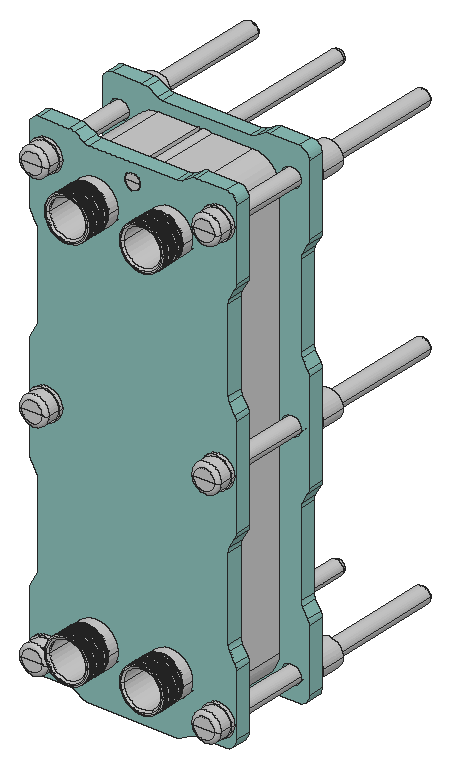
Revit family "Ekin_Endüstriyel - MIT504", category Specialty Equipment, Revit 2022
Family settings
  Round Connector Dimension = Use Diameter
  Part Type = Normal
  Work Plane-Based = No
  Always vertical = No
  Cut with Voids When Loaded = No
  Maintain Annotation Orientation = No
  Shared = No
  Room Calculation Point = No
Parameters (values of type "E12340000DD32L")
  URL = "https://en.ekinendustriyel.com/plate-heat-exchanger"
  Type Comments = "10 bar"
  Model = "E12340000DD32L"
  Material = Galvanized Steel- S235JR
  Manufacturer = "Ekin Endüstriyel"
  Keynote = "Threaded Connection"
  Description = "MIT - Heat Exchanger - 10 bar"
  Default Elevation = 0 mm
Reference planes
  plane 1 "Center (Front/Back)": y = 0
  plane 2: z = 0
  plane 3 "Center (Left/Right)": x = 0
  plane 4 "1": z = 318
  plane 5 "2": z = 73
  plane 6: z = 460
Forms (mm)
  Extrusion 1, solid, material "Galvanized Steel - S235JR", detail levels coarse
    sketch origin (0, 0, 0) x (1, 0, 0) y (0, 0, 1)
      loop
        line (100, 490) -> (-100, 490) -> (-100, 0) -> (100, 0) -> (100, 490)
    from 0 to -15
  Extrusion 2, solid, material "Galvanized Steel - S235JR", detail levels coarse
    sketch origin (0, 0, 0) x (1, 0, 0) y (0, 0, 1)
      loop
        line (100, 490) -> (-100, 490) -> (-100, 0) -> (100, 0) -> (100, 490)
    from -88.1 to -103.1
  Extrusion 3, solid, material "Galvanized Steel- S235JR", detail levels coarse
    sketch origin (0, 0, 0) x (1, 0, 0) y (0, 0, 1)
      loop
        line (-57.25, 75.25) -> (-57.25, 32.75) -> (57.25, 32.75) -> (57.25, 75.25) -> (-57.25, 75.25)
      loop
        line (-57.25, 414.779) -> (57.25, 414.779) -> (57.25, 457.279) -> (-57.25, 457.279) -> (-57.25, 414.779)
    from 0 to 34.978
  Extrusion 4, solid, material "Galvanized Steel- S235JR", detail levels coarse
    sketch origin (0, 0, 0) x (1, 0, 0) y (0, 0, 1)
      loop
        line (100, 490) -> (-100, 490) -> (-100, 0) -> (100, 0) -> (100, 490)
    from -15 to -88.1
  Extrusion 5, solid, material "Galvanized Steel- S235JR", detail levels coarse
    sketch origin (0, 0, 0) x (1, 0, 0) y (0, 0, 1)
      loop
        circle (83, 460) r 8.036
      loop
        circle (-83, 460) r 8.036
      loop
        circle (83, 30) r 8.036
      loop
        circle (-83, 30) r 8.036
      loop
        circle (83, 245) r 8.036
      loop
        circle (-83, 245) r 8.036
    from -103.1 to -246.7
  Extrusion 6, solid, material "Galvanized Steel- S235JR", detail levels coarse
    sketch origin (0, 0, 0) x (1, 0, 0) y (0, 0, 1)
      loop
        circle (-0.049, 24.492) r 6.966
      loop
        circle (-0.049, 465.508) r 6.966
    from -103.1 to -246.7
  Extrusion 7, solid, material "Galvanized Steel - S235JR", detail levels medium
    sketch origin (0, 0, 0) x (1, 0, 0) y (0, 0, 1)
      loop
        line (-100, 0) -> (100, 0) -> (100, 490) -> (-100, 490) -> (-100, 0)
      loop
        circle (-83, 460) r 9.5
      loop
        circle (-83, 245) r 9.5
      loop
        circle (-83, 30) r 9.5
      loop
        circle (83, 30) r 9.5
      loop
        circle (0, 24.5) r 7.75
      loop
        circle (0, 465.5) r 7.75
      loop
        circle (83, 460) r 9.5
      loop
        circle (83, 245) r 9.5
    from 0 to -15
  Extrusion 8, solid, material "Galvanized Steel - S235JR", detail levels medium
    sketch origin (0, 0, 0) x (1, 0, 0) y (0, 0, 1)
      loop
        line (-100, 0) -> (100, 0) -> (100, 490) -> (-100, 490) -> (-100, 0)
      loop
        circle (-83, 460) r 9.5
      loop
        circle (-83, 245) r 9.5
      loop
        circle (-83, 30) r 9.5
      loop
        circle (83, 30) r 9.5
      loop
        circle (0, 24.5) r 7.75
      loop
        circle (0, 465.5) r 7.75
      loop
        circle (83, 460) r 9.5
      loop
        circle (83, 245) r 9.5
    from -88.1 to -103.1
  Extrusion 9, solid, material "Galvanized Steel- S235JR", detail levels medium
    sketch origin (0, 0, 0) x (1, 0, 0) y (0, 0, 1)
      loop
        line (-7.25, 18.5) -> (-7.25, 25)
        arc (-7.25, 25) -> (0, 32.25) -> (7.25, 25) r 7.25
        line (7.25, 25) -> (7.25, 18.5) -> (45.5, 18.5)
        arc (45.5, 18.5) -> (63.178, 25.822) -> (70.5, 43.5) r 25
        line (70.5, 43.5) -> (70.5, 446.5)
        arc (70.5, 446.5) -> (63.178, 464.178) -> (45.5, 471.5) r 25
        line (45.5, 471.5) -> (7.25, 471.5) -> (7.25, 465)
        arc (7.25, 465) -> (0, 457.75) -> (-7.25, 465) r 7.25
        line (-7.25, 465) -> (-7.25, 471.5) -> (-45.5, 471.5)
        arc (-45.5, 471.5) -> (-63.178, 464.178) -> (-70.5, 446.5) r 25
        line (-70.5, 446.5) -> (-70.5, 43.5)
        arc (-70.5, 43.5) -> (-63.178, 25.822) -> (-45.5, 18.5) r 25
        line (-45.5, 18.5) -> (-7.25, 18.5)
    from -15 to -88.1
  Extrusion 10, solid, material "Galvanized Steel- S235JR", detail levels medium
    sketch origin (0, 0, 0) x (1, 0, 0) y (0, 0, 1)
      loop
        circle (83, 460) r 8
      loop
        circle (-83, 460) r 8
      loop
        circle (83, 30) r 8
      loop
        circle (-83, 30) r 8
      loop
        circle (83, 245) r 8
      loop
        circle (-83, 245) r 8
    from 17.8 to -246.7
  Extrusion 11, solid, material "Galvanized Steel- S235JR", detail levels medium
    sketch origin (0, 0, 0) x (1, 0, 0) y (0, 0, 1)
      loop
        circle (0, 465.5) r 7
      loop
        circle (0, 24.5) r 7
    from 0 to -246.7
  Extrusion 12, solid, material "Galvanized Steel- S235JR", detail levels medium
    sketch origin (0, 0, 0) x (1, 0, 0) y (0, 0, 1)
      loop
        circle (-36, 436) r 21
      loop
        circle (-36, 436) r 19
      loop
        circle (36, 436) r 21
      loop
        circle (36, 436) r 19
      loop
        circle (-36, 54) r 21
      loop
        circle (-36, 54) r 19
      loop
        circle (36, 54) r 21
      loop
        circle (36, 54) r 19
    from 0 to 34.975
  Extrusion 13, solid, material "Galvanized Steel - S235JR", detail levels fine
    sketch origin (0, 0, 0) x (1, 0, 0) y (0, 0, 1)
      loop
        line (-61.536, 490) -> (-90, 490)
        arc (-90, 490) -> (-97.071, 487.071) -> (-100, 480) r 10
        line (-100, 480) -> (-100, 411.715)
        arc (-100, 411.715) -> (-99.659, 409.127) -> (-98.66, 406.715) r 10
        line (-98.66, 406.715) -> (-93.34, 397.5)
        arc (-93.34, 397.5) -> (-92.341, 395.088) -> (-92, 392.5) r 10
        line (-92, 392.5) -> (-92, 312.5)
        arc (-92, 312.5) -> (-92.341, 309.912) -> (-93.34, 307.5) r 10
        line (-93.34, 307.5) -> (-98.66, 298.285)
        arc (-98.66, 298.285) -> (-99.659, 295.873) -> (-100, 293.285) r 10
        line (-100, 293.285) -> (-100, 196.715)
        arc (-100, 196.715) -> (-99.659, 194.127) -> (-98.66, 191.715) r 10
        line (-98.66, 191.715) -> (-93.34, 182.5)
        arc (-93.34, 182.5) -> (-92.341, 180.088) -> (-92, 177.5) r 10
        line (-92, 177.5) -> (-92, 97.5)
        arc (-92, 97.5) -> (-92.341, 94.912) -> (-93.34, 92.5) r 10
        line (-93.34, 92.5) -> (-98.66, 83.285)
        arc (-98.66, 83.285) -> (-99.659, 80.873) -> (-100, 78.285) r 10
        line (-100, 78.285) -> (-100, 18)
        arc (-100, 18) -> (-97.071, 10.929) -> (-90, 8) r 10
        line (-90, 8) -> (-61.536, 8)
        arc (-61.536, 8) -> (-58.948, 7.659) -> (-56.536, 6.66) r 10
        line (-56.536, 6.66) -> (-47.321, 1.34)
        arc (-47.321, 1.34) -> (-44.909, 0.341) -> (-42.321, 0) r 10
        line (-42.321, 0) -> (42.321, 0)
        arc (42.321, 0) -> (44.909, 0.341) -> (47.321, 1.34) r 10
        line (47.321, 1.34) -> (56.536, 6.66)
        arc (56.536, 6.66) -> (58.948, 7.659) -> (61.536, 8) r 10
        line (61.536, 8) -> (90, 8)
        arc (90, 8) -> (97.071, 10.929) -> (100, 18) r 10
        line (100, 18) -> (100, 78.285)
        arc (100, 78.285) -> (99.659, 80.873) -> (98.66, 83.285) r 10
        line (98.66, 83.285) -> (93.34, 92.5)
        arc (93.34, 92.5) -> (92.341, 94.912) -> (92, 97.5) r 10
        line (92, 97.5) -> (92, 177.5)
        arc (92, 177.5) -> (92.341, 180.088) -> (93.34, 182.5) r 10
        line (93.34, 182.5) -> (98.66, 191.715)
        arc (98.66, 191.715) -> (99.659, 194.127) -> (100, 196.715) r 10
        line (100, 196.715) -> (100, 293.285)
        arc (100, 293.285) -> (99.659, 295.873) -> (98.66, 298.285) r 10
        line (98.66, 298.285) -> (93.34, 307.5)
        arc (93.34, 307.5) -> (92.341, 309.912) -> (92, 312.5) r 10
        line (92, 312.5) -> (92, 392.5)
        arc (92, 392.5) -> (92.341, 395.088) -> (93.34, 397.5) r 10
        line (93.34, 397.5) -> (98.66, 406.715)
        arc (98.66, 406.715) -> (99.659, 409.127) -> (100, 411.715) r 10
        line (100, 411.715) -> (100, 480)
        arc (100, 480) -> (97.071, 487.071) -> (90, 490) r 10
        line (90, 490) -> (61.536, 490)
        arc (61.536, 490) -> (58.948, 489.659) -> (56.536, 488.66) r 10
        line (56.536, 488.66) -> (47.321, 483.34)
        arc (47.321, 483.34) -> (44.909, 482.341) -> (42.321, 482) r 10
        line (42.321, 482) -> (-42.321, 482)
        arc (-42.321, 482) -> (-44.909, 482.341) -> (-47.321, 483.34) r 10
        line (-47.321, 483.34) -> (-56.536, 488.66)
        arc (-56.536, 488.66) -> (-58.948, 489.659) -> (-61.536, 490) r 10
      loop
        circle (-83, 460) r 9.5
      loop
        circle (-83, 245) r 9.5
      loop
        circle (-83, 30) r 9.5
      loop
        circle (0, 465.5) r 7.75
      loop
        circle (0, 24.5) r 7.75
      loop
        circle (-36, 54) r 21.25
      loop
        circle (36, 54) r 21.25
      loop
        circle (-36, 436) r 21.25
      loop
        circle (36, 436) r 21.25
      loop
        circle (83, 460) r 9.5
      loop
        circle (83, 245) r 9.5
      loop
        circle (83, 30) r 9.5
    from 0 to -15
  Extrusion 14, solid, material "Galvanized Steel - S235JR", detail levels fine
    sketch origin (0, 0, 0) x (1, 0, 0) y (0, 0, 1)
      loop
        line (-61.536, 490) -> (-90, 490)
        arc (-90, 490) -> (-97.071, 487.071) -> (-100, 480) r 10
        line (-100, 480) -> (-100, 411.715)
        arc (-100, 411.715) -> (-99.659, 409.127) -> (-98.66, 406.715) r 10
        line (-98.66, 406.715) -> (-93.34, 397.5)
        arc (-93.34, 397.5) -> (-92.341, 395.088) -> (-92, 392.5) r 10
        line (-92, 392.5) -> (-92, 312.5)
        arc (-92, 312.5) -> (-92.341, 309.912) -> (-93.34, 307.5) r 10
        line (-93.34, 307.5) -> (-98.66, 298.285)
        arc (-98.66, 298.285) -> (-99.659, 295.873) -> (-100, 293.285) r 10
        line (-100, 293.285) -> (-100, 196.715)
        arc (-100, 196.715) -> (-99.659, 194.127) -> (-98.66, 191.715) r 10
        line (-98.66, 191.715) -> (-93.34, 182.5)
        arc (-93.34, 182.5) -> (-92.341, 180.088) -> (-92, 177.5) r 10
        line (-92, 177.5) -> (-92, 97.5)
        arc (-92, 97.5) -> (-92.341, 94.912) -> (-93.34, 92.5) r 10
        line (-93.34, 92.5) -> (-98.66, 83.285)
        arc (-98.66, 83.285) -> (-99.659, 80.873) -> (-100, 78.285) r 10
        line (-100, 78.285) -> (-100, 18)
        arc (-100, 18) -> (-97.071, 10.929) -> (-90, 8) r 10
        line (-90, 8) -> (-61.536, 8)
        arc (-61.536, 8) -> (-58.948, 7.659) -> (-56.536, 6.66) r 10
        line (-56.536, 6.66) -> (-47.321, 1.34)
        arc (-47.321, 1.34) -> (-44.909, 0.341) -> (-42.321, 0) r 10
        line (-42.321, 0) -> (42.321, 0)
        arc (42.321, 0) -> (44.909, 0.341) -> (47.321, 1.34) r 10
        line (47.321, 1.34) -> (56.536, 6.66)
        arc (56.536, 6.66) -> (58.948, 7.659) -> (61.536, 8) r 10
        line (61.536, 8) -> (90, 8)
        arc (90, 8) -> (97.071, 10.929) -> (100, 18) r 10
        line (100, 18) -> (100, 78.285)
        arc (100, 78.285) -> (99.659, 80.873) -> (98.66, 83.285) r 10
        line (98.66, 83.285) -> (93.34, 92.5)
        arc (93.34, 92.5) -> (92.341, 94.912) -> (92, 97.5) r 10
        line (92, 97.5) -> (92, 177.5)
        arc (92, 177.5) -> (92.341, 180.088) -> (93.34, 182.5) r 10
        line (93.34, 182.5) -> (98.66, 191.715)
        arc (98.66, 191.715) -> (99.659, 194.127) -> (100, 196.715) r 10
        line (100, 196.715) -> (100, 293.285)
        arc (100, 293.285) -> (99.659, 295.873) -> (98.66, 298.285) r 10
        line (98.66, 298.285) -> (93.34, 307.5)
        arc (93.34, 307.5) -> (92.341, 309.912) -> (92, 312.5) r 10
        line (92, 312.5) -> (92, 392.5)
        arc (92, 392.5) -> (92.341, 395.088) -> (93.34, 397.5) r 10
        line (93.34, 397.5) -> (98.66, 406.715)
        arc (98.66, 406.715) -> (99.659, 409.127) -> (100, 411.715) r 10
        line (100, 411.715) -> (100, 480)
        arc (100, 480) -> (97.071, 487.071) -> (90, 490) r 10
        line (90, 490) -> (61.536, 490)
        arc (61.536, 490) -> (58.948, 489.659) -> (56.536, 488.66) r 10
        line (56.536, 488.66) -> (47.321, 483.34)
        arc (47.321, 483.34) -> (44.909, 482.341) -> (42.321, 482) r 10
        line (42.321, 482) -> (-42.321, 482)
        arc (-42.321, 482) -> (-44.909, 482.341) -> (-47.321, 483.34) r 10
        line (-47.321, 483.34) -> (-56.536, 488.66)
        arc (-56.536, 488.66) -> (-58.948, 489.659) -> (-61.536, 490) r 10
      loop
        circle (-83, 460) r 9.5
      loop
        circle (-83, 245) r 9.5
      loop
        circle (-83, 30) r 9.5
      loop
        circle (0, 465.5) r 7.75
      loop
        circle (0, 24.5) r 7.75
      loop
        circle (83, 460) r 9.5
      loop
        circle (83, 245) r 9.5
      loop
        circle (83, 30) r 9.5
    from -88.1 to -103.1
  Extrusion 15, solid, material "Galvanized Steel- S235JR", detail levels fine
    sketch origin (0, 0, 0) x (1, 0, 0) y (0, 0, 1)
      loop
        line (-7.25, 465) -> (-7.25, 471.5) -> (-45.5, 471.5)
        arc (-45.5, 471.5) -> (-63.178, 464.178) -> (-70.5, 446.5) r 25
        line (-70.5, 446.5) -> (-70.5, 43.5)
        arc (-70.5, 43.5) -> (-63.178, 25.822) -> (-45.5, 18.5) r 25
        line (-45.5, 18.5) -> (-7.25, 18.5) -> (-7.25, 25)
        arc (-7.25, 25) -> (0, 32.25) -> (7.25, 25) r 7.25
        line (7.25, 25) -> (7.25, 18.5) -> (45.5, 18.5)
        arc (45.5, 18.5) -> (63.178, 25.822) -> (70.5, 43.5) r 25
        line (70.5, 43.5) -> (70.5, 446.5)
        arc (70.5, 446.5) -> (63.178, 464.178) -> (45.5, 471.5) r 25
        line (45.5, 471.5) -> (7.25, 471.5) -> (7.25, 465)
        arc (7.25, 465) -> (0, 457.75) -> (-7.25, 465) r 7.25
      loop
        circle (-36, 54) r 21.25
      loop
        circle (36, 54) r 21.25
      loop
        circle (-36, 436) r 21.25
      loop
        circle (36, 436) r 21.25
    from -15 to -88.1
  Revolve 16, solid, material "Galvanized Steel- S235JR", detail levels fine
    sketch origin (0, 0, 460) x (-1, 0, 0) y (0, -1, 0)
      loop
        line (91, -244.7) -> (91, -132) -> (96.835, -132) -> (96.835, -106.5) -> (98.019, -106.5) -> (98.019, -103.1) -> (91, -103.1) -> (91, 0) -> (98, 0) -> (98, 3.3) -> (96.679, 3.3) -> (96.679, 14.106)
        arc (96.679, 14.106) -> (95.597, 16.718) -> (92.985, 17.8) r 3.694
        line (92.985, 17.8) -> (83, 17.8) -> (83, -246.7) -> (89.845, -246.7) -> (91, -244.7)
      axis (83, 17.8) -> (83, -246.7)
    angle from 0 to 360
  Revolve 17, solid, material "Galvanized Steel- S235JR", detail levels fine
    sketch origin (0, 0, 460) x (1, 0, 0) y (0, 1, 0)
      loop
        line (91, 244.7) -> (89.845, 246.7) -> (83, 246.7) -> (83, -17.8) -> (92.985, -17.8)
        arc (92.985, -17.8) -> (95.597, -16.718) -> (96.679, -14.106) r 3.694
        line (96.679, -14.106) -> (96.679, -3.3) -> (98, -3.3) -> (98, 0) -> (91, 0) -> (91, 103.1) -> (98.019, 103.1) -> (98.019, 106.5) -> (96.835, 106.5) -> (96.835, 132) -> (91, 132) -> (91, 244.7)
      axis (83, -17.8) -> (83, 246.7)
    angle from 0 to 360
  Revolve 18, solid, material "Galvanized Steel- S235JR", detail levels fine
    sketch origin (0, 0, 30) x (0, 1, 0) y (-1, 0, 0)
      loop
        line (244.7, 91) -> (132, 91) -> (132, 96.835) -> (106.5, 96.835) -> (106.5, 98.019) -> (103.1, 98.019) -> (103.1, 91) -> (0, 91) -> (0, 98) -> (-3.3, 98) -> (-3.3, 96.679) -> (-14.106, 96.679)
        arc (-14.106, 96.679) -> (-16.718, 95.597) -> (-17.8, 92.985) r 3.694
        line (-17.8, 92.985) -> (-17.8, 83) -> (246.7, 83) -> (246.7, 89.845) -> (244.7, 91)
      axis (-17.8, 83) -> (246.7, 83)
    angle from 0 to 360
  Revolve 19, solid, material "Galvanized Steel- S235JR", detail levels fine
    sketch origin (0, 0, 30) x (0, -1, 0) y (1, 0, 0)
      loop
        line (-244.7, 91) -> (-246.7, 89.845) -> (-246.7, 83) -> (17.8, 83) -> (17.8, 92.985)
        arc (17.8, 92.985) -> (16.718, 95.597) -> (14.106, 96.679) r 3.694
        line (14.106, 96.679) -> (3.3, 96.679) -> (3.3, 98) -> (0, 98) -> (0, 91) -> (-103.1, 91) -> (-103.1, 98.019) -> (-106.5, 98.019) -> (-106.5, 96.835) -> (-132, 96.835) -> (-132, 91) -> (-244.7, 91)
      axis (17.8, 83) -> (-246.7, 83)
    angle from 0 to 360
  Revolve 20, solid, material "Galvanized Steel- S235JR", detail levels fine
    sketch origin (0, 0, 245) x (0, 1, 0) y (-1, 0, 0)
      loop
        line (244.7, 91) -> (132, 91) -> (132, 96.835) -> (106.5, 96.835) -> (106.5, 98.019) -> (103.1, 98.019) -> (103.1, 91) -> (0, 91) -> (0, 98) -> (-3.3, 98) -> (-3.3, 96.679) -> (-14.106, 96.679)
        arc (-14.106, 96.679) -> (-16.718, 95.597) -> (-17.8, 92.985) r 3.694
        line (-17.8, 92.985) -> (-17.8, 83) -> (246.7, 83) -> (246.7, 89.845) -> (244.7, 91)
      axis (-17.8, 83) -> (246.7, 83)
    angle from 0 to 360
  Revolve 21, solid, material "Galvanized Steel- S235JR", detail levels fine
    sketch origin (0, 0, 245) x (0, -1, 0) y (1, 0, 0)
      loop
        line (-244.7, 91) -> (-246.7, 89.845) -> (-246.7, 83) -> (17.8, 83) -> (17.8, 92.985)
        arc (17.8, 92.985) -> (16.718, 95.597) -> (14.106, 96.679) r 3.694
        line (14.106, 96.679) -> (3.3, 96.679) -> (3.3, 98) -> (0, 98) -> (0, 91) -> (-103.1, 91) -> (-103.1, 98.019) -> (-106.5, 98.019) -> (-106.5, 96.835) -> (-132, 96.835) -> (-132, 91) -> (-244.7, 91)
      axis (17.8, 83) -> (-246.7, 83)
    angle from 0 to 360
  Revolve 22, solid, material "Galvanized Steel- S235JR", detail levels fine
    sketch origin (0, 0, 436) x (-1, 0, 0) y (0, -1, 0)
      loop
        line (57.25, -88.1) -> (57.25, 10.504) -> (56.519, 11.075) -> (57.307, 11.737) -> (56.519, 12.353) -> (57.307, 13.015) -> (56.519, 13.63) -> (57.307, 14.292) -> (56.519, 14.907) -> (57.307, 15.569) -> (56.51, 16.192) -> (57.307, 16.862) -> (56.519, 17.477) -> (57.307, 18.139) -> (56.519, 18.754) -> (57.307, 19.416) -> (56.51, 20.039) -> (57.307, 20.709) -> (56.519, 21.324) -> (57.307, 21.986) -> (56.519, 22.602) -> (57.307, 23.263) -> (56.519, 23.879) -> (57.307, 24.541) -> (56.519, 25.156) -> (57.307, 25.818) -> (56.51, 26.441) -> (57.307, 27.111) -> (56.519, 27.726) -> (57.307, 28.388) -> (56.519, 29.003) -> (57.307, 29.665) -> (56.519, 30.281) -> (57.307, 30.943) -> (56.519, 31.558) -> (57.307, 32.22) -> (56.519, 32.835) -> (57.307, 33.497) -> (56.519, 34.113) -> (57.25, 34.727) -> (56.477, 34.978) -> (55.255, 34.978) -> (53.548, 33.21) -> (53.548, -16.85) -> (52, -16.85) -> (52, -88.1) -> (57.25, -88.1)
      axis (36, 34.978) -> (36, -88.1)
    angle from 0 to 360
  Revolve 23, solid, material "Galvanized Steel- S235JR", detail levels fine
    sketch origin (0, 0, 436) x (1, 0, 0) y (0, 1, 0)
      loop
        line (57.25, 88.1) -> (52, 88.1) -> (52, 16.85) -> (53.548, 16.85) -> (53.548, -33.21) -> (55.255, -34.978) -> (56.477, -34.978) -> (57.25, -34.727) -> (56.519, -34.113) -> (57.307, -33.497) -> (56.519, -32.835) -> (57.307, -32.22) -> (56.519, -31.558) -> (57.307, -30.943) -> (56.519, -30.281) -> (57.307, -29.665) -> (56.519, -29.003) -> (57.307, -28.388) -> (56.519, -27.726) -> (57.307, -27.111) -> (56.51, -26.441) -> (57.307, -25.818) -> (56.519, -25.156) -> (57.307, -24.541) -> (56.519, -23.879) -> (57.307, -23.263) -> (56.519, -22.602) -> (57.307, -21.986) -> (56.519, -21.324) -> (57.307, -20.709) -> (56.51, -20.039) -> (57.307, -19.416) -> (56.519, -18.754) -> (57.307, -18.139) -> (56.519, -17.477) -> (57.307, -16.862) -> (56.51, -16.192) -> (57.307, -15.569) -> (56.519, -14.907) -> (57.307, -14.292) -> (56.519, -13.63) -> (57.307, -13.015) -> (56.519, -12.353) -> (57.307, -11.737) -> (56.519, -11.075) -> (57.25, -10.504) -> (57.25, 88.1)
      axis (36, -34.978) -> (36, 88.1)
    angle from 0 to 360
  Revolve 24, solid, material "Galvanized Steel- S235JR", detail levels fine
    sketch origin (0, 0, 54) x (0, 1, 0) y (-1, 0, 0)
      loop
        line (88.1, 57.25) -> (-10.504, 57.25) -> (-11.075, 56.519) -> (-11.737, 57.307) -> (-12.353, 56.519) -> (-13.015, 57.307) -> (-13.63, 56.519) -> (-14.292, 57.307) -> (-14.907, 56.519) -> (-15.569, 57.307) -> (-16.192, 56.51) -> (-16.862, 57.307) -> (-17.477, 56.519) -> (-18.139, 57.307) -> (-18.754, 56.519) -> (-19.416, 57.307) -> (-20.039, 56.51) -> (-20.709, 57.307) -> (-21.324, 56.519) -> (-21.986, 57.307) -> (-22.602, 56.519) -> (-23.263, 57.307) -> (-23.879, 56.519) -> (-24.541, 57.307) -> (-25.156, 56.519) -> (-25.818, 57.307) -> (-26.441, 56.51) -> (-27.111, 57.307) -> (-27.726, 56.519) -> (-28.388, 57.307) -> (-29.003, 56.519) -> (-29.665, 57.307) -> (-30.281, 56.519) -> (-30.943, 57.307) -> (-31.558, 56.519) -> (-32.22, 57.307) -> (-32.835, 56.519) -> (-33.497, 57.307) -> (-34.113, 56.519) -> (-34.727, 57.25) -> (-34.978, 56.477) -> (-34.978, 55.255) -> (-33.21, 53.548) -> (16.85, 53.548) -> (16.85, 52) -> (88.1, 52) -> (88.1, 57.25)
      axis (-34.978, 36) -> (88.1, 36)
    angle from 0 to 360
  Revolve 25, solid, material "Galvanized Steel- S235JR", detail levels fine
    sketch origin (0, 0, 54) x (0, -1, 0) y (1, 0, 0)
      loop
        line (-88.1, 57.25) -> (-88.1, 52) -> (-16.85, 52) -> (-16.85, 53.548) -> (33.21, 53.548) -> (34.978, 55.255) -> (34.978, 56.477) -> (34.727, 57.25) -> (34.113, 56.519) -> (33.497, 57.307) -> (32.835, 56.519) -> (32.22, 57.307) -> (31.558, 56.519) -> (30.943, 57.307) -> (30.281, 56.519) -> (29.665, 57.307) -> (29.003, 56.519) -> (28.388, 57.307) -> (27.726, 56.519) -> (27.111, 57.307) -> (26.441, 56.51) -> (25.818, 57.307) -> (25.156, 56.519) -> (24.541, 57.307) -> (23.879, 56.519) -> (23.263, 57.307) -> (22.602, 56.519) -> (21.986, 57.307) -> (21.324, 56.519) -> (20.709, 57.307) -> (20.039, 56.51) -> (19.416, 57.307) -> (18.754, 56.519) -> (18.139, 57.307) -> (17.477, 56.519) -> (16.862, 57.307) -> (16.192, 56.51) -> (15.569, 57.307) -> (14.907, 56.519) -> (14.292, 57.307) -> (13.63, 56.519) -> (13.015, 57.307) -> (12.353, 56.519) -> (11.737, 57.307) -> (11.075, 56.519) -> (10.504, 57.25) -> (-88.1, 57.25)
      axis (34.978, 36) -> (-88.1, 36)
    angle from 0 to 360
  Revolve 26, solid, material "Galvanized Steel- S235JR", detail levels fine
    sketch origin (0, 0, 465.509) x (-1, 0, 0) y (0, -1, 0)
      loop
        line (7, 0) -> (0, 0) -> (0, -250) -> (2, -250)
        arc (2, -250) -> (5.536, -248.536) -> (7, -245) r 5
        line (7, -245) -> (7, 0)
      axis (0, 0) -> (0, -250)
    angle from 0 to 360
  Revolve 27, solid, material "Galvanized Steel- S235JR", detail levels fine
    sketch origin (0, 0, 24.491) x (0, 1, 0) y (-1, 0, 0)
      loop
        line (0, 7) -> (0, 0) -> (250, 0) -> (250, 2)
        arc (250, 2) -> (248.536, 5.536) -> (245, 7) r 5
        line (245, 7) -> (0, 7)
      axis (0, 0) -> (250, 0)
    angle from 0 to 360
Dimensions and locks
  aligned and locked: level to plane 2
Connectors
  piping at (-36, -34.975, 436), diameter 31.75
    settings: on Extrusion 12, index 1, connector inside diameter 609.6 mm, connector length 0 mm, flow factor 0, pipe flow 0.0 L/s, pressure drop 0.0 Pa, fitting loss kfactor 0, connector angle 0.00°, fixture units 0, engagement length 0 mm, angle of deflection 0.00°, flow configuration 0, flow direction 1, fitting loss method 0, system type 7, joint type 0, gender type 0, connector reference index -1, connector utility 0, adjustable connector no, is connector primary yes, connector description ""
  piping at (36, -34.975, 436), diameter 31.75
    settings: on Extrusion 12, index 2, connector inside diameter 609.6 mm, connector length 0 mm, flow factor 0, pipe flow 0.0 L/s, pressure drop 0.0 Pa, fitting loss kfactor 0, connector angle 0.00°, fixture units 0, engagement length 0 mm, angle of deflection 0.00°, flow configuration 0, flow direction 2, fitting loss method 0, system type 7, joint type 0, gender type 0, connector reference index -1, connector utility 0, adjustable connector no, is connector primary no, connector description ""
  piping at (36, -34.975, 54), diameter 31.75
    settings: on Extrusion 12, index 3, connector inside diameter 609.6 mm, connector length 0 mm, flow factor 0, pipe flow 0.0 L/s, pressure drop 0.0 Pa, fitting loss kfactor 0, connector angle 0.00°, fixture units 0, engagement length 0 mm, angle of deflection 0.00°, flow configuration 0, flow direction 1, fitting loss method 0, system type 7, joint type 0, gender type 0, connector reference index -1, connector utility 0, adjustable connector no, is connector primary no, connector description ""
  piping at (-36, -34.975, 54), diameter 31.75
    settings: on Extrusion 12, index 4, connector inside diameter 609.6 mm, connector length 0 mm, flow factor 0, pipe flow 0.0 L/s, pressure drop 0.0 Pa, fitting loss kfactor 0, connector angle 0.00°, fixture units 0, engagement length 0 mm, angle of deflection 0.00°, flow configuration 0, flow direction 2, fitting loss method 0, system type 7, joint type 0, gender type 0, connector reference index -1, connector utility 0, adjustable connector no, is connector primary no, connector description ""
